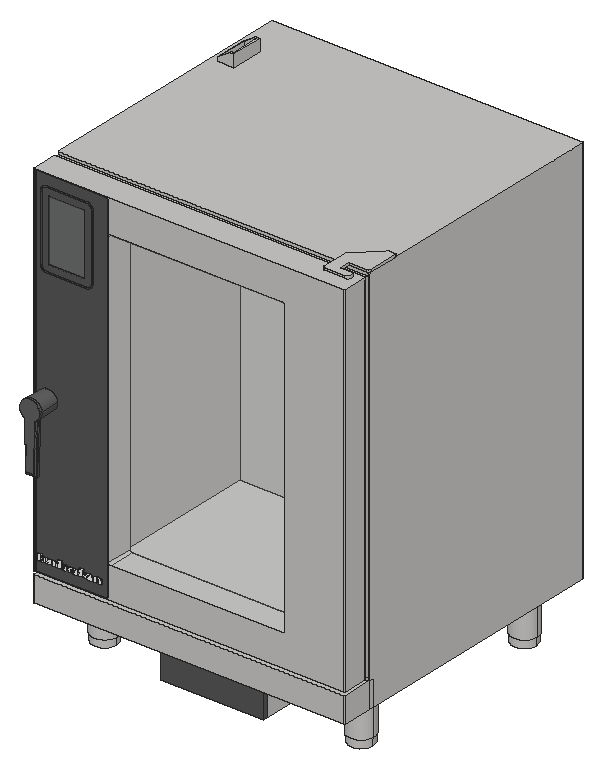
Revit family "QF_MOFFAT_PFEN101--", category Specialty Equipment, Revit 2019
Family settings
  Round Connector Dimension = Use Diameter
  Part Type = Normal
  OmniClass Number = 23.40.40.14
  OmniClass Title = Food Service Equipment
  Work Plane-Based = No
  Always vertical = Yes
  Cut with Voids When Loaded = No
  Shared = No
  Room Calculation Point = No
Parameters (values of type "PFEN101 (480V 3Ph 60Hz) - RH")
  R6 = 6 mm  # constant formula
  Mat_Handle = QF_Plastic-Black-Matte
  Mat_Glass = QF_Glass-Tempered-Clear
  Logo_X = if(Left hinged, 680 mm, 90 mm)  # 90 mm
  Handle_Z = 467 mm  # constant formula
  Filtered Treated Water Supply Size = 20 mm
  Filtered Treated Water Quality = ""
  Filtered Treated Water Flow = 0.0 L/min
  Filtered Treated Water Connection Height = 102 mm
  Exhaust Vent Width = 40 mm
  Exhaust Vent Height = 1097 mm
  Exhaust Vent Depth = 80 mm
  Exhaust Static Press = 0.0 Pa
  Direct Waste Size = 40 mm
  Direct Waste Connection Height = 95 mm
  DX_ = if(Right hinged, 0 mm, 20 mm)  # 0 mm
  Weight = 104.00 kg
  Volts = 480 V
  Volt Free Conn = no
  URL Manufacturer = "https://www.moffat.com"
  URL Cutsheet = "PFEN084_0124_en.pdf"
  URL = ""
  Show Symbol [instance] = yes
  Show Opening [instance] = yes
  Show Logo [instance] = yes
  Show Clearance [instance] = no
  SX_ = if(Left hinged, 0 mm, 20 mm)  # 20 mm
  Right hinged = not(Left hinged)  # yes
  R2 = 2 mm  # constant formula
  Potential Equalisation = no
  Leg_R3 = 40 mm  # constant formula
  Leg_R2 = 32.5 mm  # constant formula
  Leg_R1 = 30 mm  # constant formula
  Phase = 3
  Number of Poles = 3
  Model = "PFEN101"
  Mat_Legs = QF_Stainless-Brushed
  Mat_Clearance = QF_Clearance
  Mat_Case = QF_Stainless-Brushed
  Mat_Plastic-Black = QF_Plastic-Black-Glossy
  Masterspec = ""
  Manufacturer = "MOFFAT"
  Main switch integrated = no
  Length Actual = 777 mm  # constant formula
  Legs Height = 120 mm  # constant formula
  Left hinged = no
  Keynote = "0"
  Item Number = "PFEN101"
  Identify Quantity as Lot = no
  Height Actual = 1097 mm  # constant formula
  Foodservice Equipment Identifier = yes
  FL Amps = 22 A
  Electrical Remarks = "electrical connection with terminal box"
  Electric power = 14500 W
  Elec Connection Height = 102 mm
  Description = "Electric Combi Oven for bakery&pastry, 10 Trays 600x400"
  Description_FR = ""
  Description_ES = ""
  Description_EN = ""
  Description_DE = ""
  Depth Actual = 744 mm  # constant formula
  Cycle = 60 Hz
  Conn Plug = ""
  Cold Water Size = 20 mm
  Cold Water Consumption = ""
  Cold Water Connection Height = 102 mm
  Clearance_Upper = 500 mm  # constant formula
  Clearance_Side_RH = 50 mm  # constant formula
  Clearance_Side_LH = 50 mm  # constant formula
  Clearance_Rear = 500 mm  # constant formula
  Clearance_Front = 715 mm  # constant formula
  Case_Height = Height Actual - Legs Height  # 977 mm
  CE Approved = yes
  Author = ""
  Accessory = no
Types (20, lengths in mm): name | Logo_X | DX_ | Volts | SX_ | Right hinged | Left hinged | Cycle
  PFEN101 (230V 3Ph 50Hz) - LH | 680 | 20 | 230 V | 0 | no | yes | 50 Hz
  PFEN101 (230V 3Ph 50Hz) - RH | 90 | 0 | 230 V | 20 | yes | no | 50 Hz
  PFEN101 (400V 3NPh 50Hz) - LH | 680 | 20 | 400 V | 0 | no | yes | 50 Hz
  PFEN101 (400V 3NPh 50Hz) - RH | 90 | 0 | 400 V | 20 | yes | no | 50 Hz
  PFEN101 (400V 3Ph 50Hz) - LH | 680 | 20 | 400 V | 0 | no | yes | 50 Hz
  PFEN101 (400V 3Ph 50Hz) - RH | 90 | 0 | 400 V | 20 | yes | no | 50 Hz
  PFEN101 (400V 3Ph 60Hz) - LH | 680 | 20 | 400 V | 0 | no | yes | 60 Hz
  PFEN101 (400V 3Ph 60Hz) - RH | 90 | 0 | 400 V | 20 | yes | no | 60 Hz
  PFEN101 (440V 3Ph 50Hz) - LH | 680 | 20 | 440 V | 0 | no | yes | 50 Hz
  PFEN101 (440V 3Ph 50Hz) - RH | 90 | 0 | 440 V | 20 | yes | no | 50 Hz
  PFEN101 (440V 3Ph 60Hz) - LH | 680 | 20 | 440 V | 0 | no | yes | 60 Hz
  PFEN101 (440V 3Ph 60Hz) - RH | 90 | 0 | 440 V | 20 | yes | no | 60 Hz
  PFEN101 (440V 3NPh 50Hz) - LH | 680 | 20 | 440 V | 0 | no | yes | 50 Hz
  PFEN101 (440V 3NPh 50Hz) - RH | 90 | 0 | 440 V | 20 | yes | no | 50 Hz
  PFEN101 (440V 3NPh 60Hz) - LH | 680 | 20 | 440 V | 0 | no | yes | 60 Hz
  PFEN101 (440V 3NPh 60Hz) - RH | 90 | 0 | 440 V | 20 | yes | no | 60 Hz
  PFEN101 (480V 3Ph 50Hz) - LH | 680 | 20 | 480 V | 0 | no | yes | 50 Hz
  PFEN101 (480V 3Ph 50Hz) - RH | 90 | 0 | 480 V | 20 | yes | no | 50 Hz
  PFEN101 (480V 3Ph 60Hz) - LH | 680 | 20 | 480 V | 0 | no | yes | 60 Hz
  PFEN101 (480V 3Ph 60Hz) - RH | 90 | 0 | 480 V | 20 | yes | no | 60 Hz
Reference planes
  plane 1 "Center (Front/Back)": y = 0
  plane 2: z = 0
  plane 3 "Center (Left/Right)": x = 0
  plane 4 "SX": x = -388.5
  plane 5 "DX": x = 388.5
  plane 6 "FRONT": y = -744
  plane 7 "High": z = 1097
  plane 8 "BASE": z = 120
  plane 9: y = -98
  plane 10: y = -608
  plane 11: x = -320.5
  plane 12: x = 320.5
  plane 13: x = -438.5
  plane 14: x = 438.5
  plane 15: y = 500
  plane 16: z = 1597
  plane 17: z = 20
  plane 18: y = -1459
  plane 19: x = -308.5
  plane 20: x = 308.5
  plane 21: y = -200
  plane 22: y = -668
  plane 23: y = -653
  plane 24: z = 184
  plane 25: z = 1032
  plane 26: z = 1092
  plane 27: z = 270
  plane 28: z = 1012
  plane 29: y = 49
  plane 30: z = 1067
  plane 31: y = -114
  plane 32: y = -194
  plane 33: x = -368.5
  plane 34: x = -328.5
  plane 35: x = -128
  plane 36: x = 128
  plane 37: z = 8
Forms (mm)
  Extrusion 1, solid, material "QF_Clearance", visible <- "Show Clearance"
    sketch origin (0, 0, 0) x (1, 0, 0) y (0, 1, 0)
      loop
        line (-438.5, -744) -> (438.5, -744) -> (438.5, 0) -> (-438.5, 0) -> (-438.5, -744)
    from 0 to 1097
  Extrusion 2, solid, material "QF_Clearance", visible <- "Show Clearance"
    sketch origin (0, 0, 0) x (1, 0, 0) y (0, 1, 0)
      loop
        line (-388.5, -1459) -> (388.5, -1459) -> (388.5, 500) -> (-388.5, 500) -> (-388.5, -1459)
    from 0 to 1097
  Extrusion 3, solid, material "QF_Clearance", visible <- "Show Clearance"
    sketch origin (0, 0, 0) x (1, 0, 0) y (0, 1, 0)
      loop
        line (-388.5, -744) -> (388.5, -744) -> (388.5, 0) -> (-388.5, 0) -> (-388.5, -744)
    from 0 to 1597
  Extrusion 4, solid, material "QF_Stainless-Brushed" <- "Mat_Legs", detail levels medium+fine
    sketch origin (-1136.263, -1524, 20) x (-1, 0, 0) y (0, -1, 0)
      loop
        circle (-815.763, -1426) r 32.5
      loop
        circle (-815.763, -916) r 32.5
      loop
        circle (-1456.763, -1426) r 32.5
      loop
        circle (-1456.763, -916) r 32.5
    from 0 to 100
  Extrusion 5, solid, material "QF_Stainless-Brushed" <- "Mat_Legs", detail levels medium+fine
    sketch origin (0, 0, 0) x (1, 0, 0) y (0, 1, 0)
      loop
        circle (-320.5, -98) r 30
      loop
        circle (320.5, -98) r 30
      loop
        circle (-320.5, -608) r 30
      loop
        circle (320.5, -608) r 30
    from 0 to 20
  Extrusion 6, solid, material "QF_Stainless-Brushed" <- "Mat_Case", detail levels medium+fine
    sketch origin (-1043.679, -1524, 184) x (-1, 0, 0) y (0, -1, 0)
      loop
        arc (-657.179, -1524) -> (-655.765, -1523.414) -> (-655.179, -1522) r 2
        line (-655.179, -1522) -> (-655.179, -873) -> (-660.179, -873) -> (-660.179, -871) -> (-655.179, -871) -> (-655.179, -858)
        arc (-655.179, -858) -> (-655.765, -856.586) -> (-657.179, -856) r 2
        line (-657.179, -856) -> (-735.179, -856) -> (-735.179, -1324) -> (-1352.179, -1324) -> (-1352.179, -856) -> (-1430.179, -856)
        arc (-1430.179, -856) -> (-1431.594, -856.586) -> (-1432.179, -858) r 2
        line (-1432.179, -858) -> (-1432.179, -871) -> (-1427.179, -871) -> (-1427.179, -873) -> (-1432.179, -873) -> (-1432.179, -1522)
        arc (-1432.179, -1522) -> (-1431.594, -1523.414) -> (-1430.179, -1524) r 2
        line (-1430.179, -1524) -> (-657.179, -1524)
    from 0 to 848
  Extrusion 7, solid, material "QF_Stainless-Brushed" <- "Mat_Case", detail levels medium+fine
    sketch origin (0, 0, 120) x (-1, 0, 0) y (0, -1, 0)
      loop
        arc (386.5, 0) -> (387.914, 0.586) -> (388.5, 2) r 2
        line (388.5, 2) -> (388.5, 653) -> (386.5, 653) -> (386.5, 668) -> (388.5, 668) -> (388.5, 742)
        arc (388.5, 742) -> (387.914, 743.414) -> (386.5, 744) r 2
        line (386.5, 744) -> (-386.5, 744)
        arc (-386.5, 744) -> (-387.914, 743.414) -> (-388.5, 742) r 2
        line (-388.5, 742) -> (-388.5, 668) -> (-386.5, 668) -> (-386.5, 653) -> (-388.5, 653) -> (-388.5, 2)
        arc (-388.5, 2) -> (-387.914, 0.586) -> (-386.5, 0) r 2
        line (-386.5, 0) -> (386.5, 0)
    from 0 to 64
  Extrusion 8, solid, material "QF_Stainless-Brushed" <- "Mat_Case", detail levels medium+fine
    sketch origin (-1043.679, -1524, 1032) x (-1, 0, 0) y (0, -1, 0)
      loop
        arc (-657.179, -1524) -> (-655.765, -1523.414) -> (-655.179, -1522) r 2
        line (-655.179, -1522) -> (-655.179, -858)
        arc (-655.179, -858) -> (-655.765, -856.586) -> (-657.179, -856) r 2
        line (-657.179, -856) -> (-1430.179, -856)
        arc (-1430.179, -856) -> (-1431.594, -856.586) -> (-1432.179, -858) r 2
        line (-1432.179, -858) -> (-1432.179, -1522)
        arc (-1432.179, -1522) -> (-1431.594, -1523.414) -> (-1430.179, -1524) r 2
        line (-1430.179, -1524) -> (-657.179, -1524)
    from 0 to 65
  Extrusion 9, solid, material "QF_Stainless-Brushed" <- "Mat_Case", detail levels medium+fine
    sketch origin (-388.5, 180.447, 4000) x (0, 1, 0) y (0, 0, 1)
      loop
        line (-131.447, -3278) -> (-131.447, -2982) -> (-180.447, -2933) -> (-180.447, -3278) -> (-131.447, -3278)
    from 70 to 220
  Extrusion 10, solid, material "QF_Stainless-Brushed" <- "Mat_Case", detail levels medium+fine
    sketch origin (0, 0, 1097) x (-1, 0, 0) y (0, -1, 0)
      loop
        line (368.5, 114) -> (368.5, 194) -> (328.5, 194) -> (328.5, 114) -> (368.5, 114)
      loop
        line (363.5, 119) -> (363.5, 189) -> (333.5, 189) -> (333.5, 119) -> (363.5, 119)
    from 0 to 30
  Extrusion 11, void
    sketch origin (-528.5, -114, 7500) x (1, 0, 0) y (0, 0, 1)
      loop
        line (160, -6373) -> (160, -6393) -> (190, -6373) -> (160, -6373)
    from 0 to 80
  Extrusion 12, solid, material "QF_Plastic-Black-Glossy" <- "Mat_Plastic-Black", detail levels medium+fine
    sketch origin (-619.833, -668, 7500) x (-1, 0, 0) y (0, 0, 1)
      loop
        line (-491.833, -7492) -> (-491.833, -7411)
        arc (-491.833, -7411) -> (-480.833, -7400) -> (-491.833, -7389) r 11
        line (-491.833, -7389) -> (-747.833, -7389)
        arc (-747.833, -7389) -> (-758.833, -7400) -> (-747.833, -7411) r 11
        line (-747.833, -7411) -> (-747.833, -7492) -> (-491.833, -7492)
    from -5 to 5
  Extrusion 13, solid, material "QF_Stainless-Brushed" <- "Mat_Case", detail levels medium+fine
    sketch origin (-619.833, -668, 7500) x (-1, 0, 0) y (0, 0, 1)
      loop
        line (-491.833, -7492) -> (-491.833, -7380) -> (-747.833, -7380) -> (-747.833, -7492) -> (-491.833, -7492)
    from 5 to 468
  Extrusion 14, solid, material "QF_Stainless-Brushed" <- "Mat_Case", detail levels medium+fine
    sketch origin (-619.833, -200, 7500) x (-1, 0, 0) y (0, 0, 1)
      loop
        circle (-619.833, -7405) r 20
    from 0 to 200
Cuts and joins
  joined: Extrusion 1, Extrusion 2, Extrusion 3
  joined: Extrusion 4, Extrusion 5
  joined: Extrusion 6, Extrusion 7, Extrusion 8
  Extrusion 11 cuts Extrusion 10
Lines and regions (mm)
  model lines, style "InvisibleLines"
    curve 1: line (-50, 0, 0) -> (50, 0, 0)
    curve 2: line (0, 50, 0) -> (0, -50, 0)
  model lines, style "QF_Detail Level Coarse", detail levels coarse
    curve 3: line (-388.5, 0, 0) -> (388.5, 0, 0)
    curve 4: line (-388.5, -744, 0) -> (-388.5, 0, 0)
    curve 5: line (388.5, -744, 0) -> (-388.5, -744, 0)
    curve 6: line (388.5, 0, 0) -> (388.5, -744, 0)
    curve 7: line (388.5, -744, 1097) -> (388.5, -744, 0)
    curve 8: line (388.5, 0, 1097) -> (388.5, 0, 0)
    curve 9: line (-388.5, 0, 1097) -> (-388.5, 0, 0)
    curve 10: line (-388.5, 0, 1097) -> (388.5, 0, 1097)
    curve 11: line (388.5, 0, 1097) -> (388.5, -744, 1097)
    curve 12: line (-388.5, 0, 1097) -> (-388.5, -744, 1097)
    curve 13: line (-388.5, -744, 1097) -> (388.5, -744, 1097)
    curve 14: line (-388.5, -744, 1097) -> (-388.5, -744, 0)
Dimensions and locks
  curve 1 to plane 3 "Center (Left/Right)" to curve 1 = 50 mm locked, 50 mm locked
  curve 2 to plane 1 "Center (Front/Back)" to curve 2 = 50 mm locked, 50 mm locked
  locked: plane 6 "FRONT" to plane 1 "Center (Front/Back)" at 744
  equal spacing: plane 4 "SX", plane 3 "Center (Left/Right)", plane 5 "DX"
  locked: plane 4 "SX" to plane 5 "DX" at 777
  "Legs Height": plane 8 "BASE" to plane 2
  "Clearance_Side_RH": plane 5 "DX" to plane 14
  "Clearance_Side_LH": plane 13 to plane 4 "SX"
  "Clearance_Rear": plane 1 "Center (Front/Back)" to plane 15
  "Clearance_Upper": plane 16 to plane 7 "High"
  locked: plane 9 to plane 1 "Center (Front/Back)" at 98
  locked: plane 4 "SX" to plane 11 at 68
  locked: plane 12 to plane 5 "DX" at 68
  "Clearance_Front": plane 6 "FRONT" to plane 18
  plane 17 to plane 2 = 20 mm
  "Case_Height": plane 7 "High" to plane 8 "BASE"
  locked: plane 10 to plane 6 "FRONT" at 136
  locked: plane 4 "SX" to plane 19 at 80
  locked: plane 20 to plane 5 "DX" at 80
  locked: plane 21 to plane 1 "Center (Front/Back)" at 200
  locked: plane 22 to plane 6 "FRONT" at 76
  locked: plane 23 to plane 22 at 15
  locked: Extrusion 6 sketch curve to plane 23 at 2  (x2)
  locked: Extrusion 6 sketch curve to plane 5 "DX" at 5
  locked: plane 4 "SX" to Extrusion 6 sketch curve at 5
  locked: plane 24 to plane 8 "BASE" at 64
  locked: plane 7 "High" to plane 25 at 65
  locked: plane 4 "SX" to Extrusion 7 sketch curve at 2
  locked: Extrusion 7 sketch curve to plane 5 "DX" at 2
  locked: plane 7 "High" to plane 26 at 5
  locked: plane 27 to plane 8 "BASE" at 150
  locked: plane 7 "High" to plane 28 at 85
  "Logo_X": nested 3 to plane 4 "SX"
  locked: plane 1 "Center (Front/Back)" to plane 29 at 49
  locked: plane 7 "High" to Extrusion 9 sketch curve at 375
  locked: plane 7 "High" to plane 30 at 30
  plane 32 to plane 31 to plane 1 "Center (Front/Back)" = 80 mm locked, 114 mm locked
  plane 4 "SX" to plane 33 to plane 34 = 20 mm locked, 40 mm locked
  locked: plane 34 to Extrusion 11 sketch curve at 10
  Extrusion 11 sketch curve to Extrusion 11 sketch curve to plane 7 "High" = 20 mm locked, 10 mm locked
  plane 35 to plane 3 "Center (Left/Right)" to plane 36 = 128 mm locked, 128 mm locked
  locked: plane 8 "BASE" to plane 37 at 112
  locked: plane 8 "BASE" to Extrusion 12 sketch curve at 9
  "Direct Waste Connection Height": Extrusion 14 sketch curve to plane 2
  equal spacing: plane 27, nested 3, plane 24
  "Leg_R2": radius of Extrusion 4 sketch curve  (x4)
  "Leg_R1": radius of Extrusion 5 sketch curve  (x4)
  "R2": radius of Extrusion 6 sketch curve  (x4)
  "R2": radius of Extrusion 7 sketch curve  (x4)
  "R2": radius of Extrusion 8 sketch curve  (x4)
  aligned and locked: level to plane 2
  aligned and locked: plane 1 "Center (Front/Back)" to curve 3
  aligned and locked: plane 4 "SX" to curve 4
  aligned and locked: level to curve 8
  aligned and locked: level to curve 7
  aligned and locked: level to curve 9
  aligned and locked: curve 8 to plane 1 "Center (Front/Back)"
  aligned and locked: curve 9 to plane 1 "Center (Front/Back)"
  aligned and locked: curve 13 to plane 6 "FRONT"
  aligned and locked: curve 10 to plane 7 "High"
  aligned and locked: curve 12 to plane 7 "High"
  aligned and locked: curve 11 to plane 7 "High"
  aligned and locked: curve 9 to curve 11
  aligned and locked: curve 14 to curve 9
  aligned and locked: curve 7 to curve 14
  aligned and locked: Extrusion 1 sketch curve to plane 13
  aligned and locked: Extrusion 1 sketch curve to plane 14
  aligned and locked: Extrusion 1 sketch curve to plane 6 "FRONT"
  aligned and locked: Extrusion 1 sketch curve to plane 1 "Center (Front/Back)"
  aligned and locked: plane 7 "High" to Extrusion 1
  aligned and locked: Extrusion 1 to plane 2
  aligned and locked: Extrusion 2 sketch curve to plane 4 "SX"
  aligned and locked: plane 5 "DX" to Extrusion 2 sketch curve
  aligned and locked: plane 15 to Extrusion 2 sketch curve
  aligned and locked: plane 7 "High" to Extrusion 2
  aligned and locked: Extrusion 2 to plane 2
  aligned and locked: Extrusion 3 sketch curve to plane 4 "SX"
  aligned and locked: plane 5 "DX" to Extrusion 3 sketch curve
  aligned and locked: Extrusion 3 sketch curve to plane 6 "FRONT"
  aligned and locked: Extrusion 3 sketch curve to plane 1 "Center (Front/Back)"
  aligned and locked: Extrusion 3 to plane 2
  aligned and locked: plane 16 to Extrusion 3
  aligned and locked: plane 11 to Extrusion 4 sketch curve  (x2)
  aligned and locked: plane 12 to Extrusion 4 sketch curve  (x2)
  aligned and locked: plane 9 to Extrusion 4 sketch curve  (x2)
  aligned and locked: plane 10 to Extrusion 4 sketch curve  (x2)
  aligned and locked: Extrusion 4 to plane 17
  aligned and locked: plane 11 to Extrusion 5 sketch curve  (x2)
  aligned and locked: plane 12 to Extrusion 5 sketch curve  (x2)
  aligned and locked: plane 9 to Extrusion 5 sketch curve  (x2)
  aligned and locked: plane 10 to Extrusion 5 sketch curve  (x2)
  aligned and locked: Extrusion 5 to plane 2
  aligned and locked: plane 17 to Extrusion 5
  aligned and locked: Extrusion 2 sketch curve to plane 18
  aligned and locked: plane 8 "BASE" to Extrusion 4
  aligned and locked: Extrusion 6 sketch curve to plane 5 "DX"  (x2)
  aligned and locked: plane 1 "Center (Front/Back)" to Extrusion 6 sketch curve
  aligned and locked: plane 4 "SX" to Extrusion 6 sketch curve  (x2)
  aligned and locked: plane 22 to Extrusion 6 sketch curve  (x2)
  aligned and locked: plane 23 to Extrusion 6 sketch curve
  aligned and locked: Extrusion 6 sketch curve to plane 23
  aligned and locked: plane 25 to Extrusion 6
  aligned and locked: Extrusion 6 sketch curve to plane 21
  aligned and locked: plane 19 to Extrusion 6 sketch curve
  aligned and locked: Extrusion 6 sketch curve to plane 20
  aligned and locked: plane 1 "Center (Front/Back)" to Extrusion 7 sketch curve
  aligned and locked: Extrusion 7 sketch curve to plane 5 "DX"  (x2)
  aligned and locked: plane 4 "SX" to Extrusion 7 sketch curve  (x2)
  aligned and locked: plane 6 "FRONT" to Extrusion 7 sketch curve
  aligned and locked: plane 23 to Extrusion 7 sketch curve
  aligned and locked: plane 22 to Extrusion 7 sketch curve  (x2)
  aligned and locked: Extrusion 7 sketch curve to plane 23
  aligned and locked: plane 24 to Extrusion 7
  aligned and locked: plane 1 "Center (Front/Back)" to Extrusion 8 sketch curve
  aligned and locked: plane 22 to Extrusion 8 sketch curve
  aligned and locked: Extrusion 8 sketch curve to plane 5 "DX"
  aligned and locked: plane 4 "SX" to Extrusion 8 sketch curve
  aligned and locked: plane 7 "High" to Extrusion 8
  aligned and locked: Extrusion 9 sketch curve to plane 1 "Center (Front/Back)"
  aligned and locked: plane 30 to Extrusion 9 sketch curve
  aligned and locked: Extrusion 9 sketch curve to plane 29
  aligned and locked: Extrusion 10 sketch curve to plane 31
  aligned and locked: plane 33 to Extrusion 10 sketch curve
  aligned and locked: plane 32 to Extrusion 10 sketch curve
  aligned and locked: Extrusion 10 sketch curve to plane 34
  aligned and locked: plane 33 to Extrusion 11 sketch curve
  aligned and locked: Extrusion 11 to plane 32
  aligned and locked: plane 37 to Extrusion 12 sketch curve
  aligned and locked: Extrusion 12 sketch curve to plane 36
  aligned and locked: Extrusion 12 sketch curve to plane 35
  aligned and locked: plane 35 to Extrusion 13 sketch curve
  aligned and locked: Extrusion 13 sketch curve to plane 36
  aligned and locked: plane 8 "BASE" to Extrusion 13 sketch curve
  aligned and locked: Extrusion 13 sketch curve to plane 37
  aligned and locked: plane 21 to Extrusion 13
  aligned and locked: plane 1 "Center (Front/Back)" to nested 1  (x2)
  aligned and locked: plane 3 "Center (Left/Right)" to nested 1
  aligned and locked: plane 1 "Center (Front/Back)" to nested 4
  aligned and locked: plane 1 "Center (Front/Back)" to nested 5
  aligned and locked: plane 5 "DX" to nested 4
  aligned and locked: plane 5 "DX" to nested 5
  aligned and locked: nested 5 to plane 5 "DX"
  aligned and locked: plane 1 "Center (Front/Back)" to nested 2
  aligned and locked: plane 3 "Center (Left/Right)" to nested 2
  aligned and locked: Extrusion 14 to plane 1 "Center (Front/Back)"
  aligned and locked: nested 6 to plane 6 "FRONT"
  aligned and locked: plane 3 "Center (Left/Right)" to nested 6
  aligned and locked: plane 6 "FRONT" to nested 7
  aligned and locked: plane 3 "Center (Left/Right)" to nested 7
Automatic sketch dimensions
  curve 10 to plane 4 "SX" = 0 mm
  curve 10 to plane 5 "DX" = 0 mm
  curve 2 to plane 3 "Center (Left/Right)" = 0 mm
  curve 5 to plane 5 "DX" = 0 mm
  curve 4 to plane 6 "FRONT" = 0 mm
  plane 1 "Center (Front/Back)" to curve 1 = 0 mm
  curve 8 to plane 7 "High" = 0 mm
  curve 7 to plane 7 "High" = 0 mm
  curve 11 to plane 6 "FRONT" = 0 mm
  curve 11 to plane 1 "Center (Front/Back)" = 0 mm
  curve 12 to plane 6 "FRONT" = 0 mm
  curve 12 to plane 1 "Center (Front/Back)" = 0 mm
  curve 14 to level = 0 mm
  curve 14 to plane 7 "High" = 0 mm
  curve 13 to plane 5 "DX" = 0 mm
  curve 13 to plane 4 "SX" = 0 mm
  plane 28 to Extrusion 9 sketch curve = 6 mm
  Extrusion 10 sketch curve to plane 34 = 5 mm
  plane 33 to Extrusion 10 sketch curve = 5 mm
  Extrusion 10 sketch curve to plane 31 = 5 mm
  plane 32 to Extrusion 10 sketch curve = 5 mm
  Extrusion 12 sketch curve to Extrusion 12 sketch curve = 11 mm  (x2)
  Extrusion 14 sketch curve to plane 3 "Center (Left/Right)" = 0 mm
  radius of Extrusion 14 sketch curve = 20 mm
Nested families
  nested 1: "QF_Connection_SE" at (0, 0, 102), Symbol_Visible <- "Show Symbol", built-in parameter 1001364 <- "Elec Connection Height", type "KTM"
    with Symbol_Width_DX 0 mm, Symbol_Width Offset 0 mm, Symbol_Width DX-SX yes, Symbol_Visible yes, Symbol_Depth_Up-Dn yes, Symbol_Depth_Up 200 mm, Symbol_Depth Offset 100 mm, Symbol Graphic none, Connector_Width_DX 70 mm, Connector Holder_Width Offset 35 mm, Connector Holder_Width DX-SX yes, Connector Holder_Visible no, Connector Holder_Depth Offset 42 mm
  nested 2: "QF_Connection_SE" at (0, 0, 95), Symbol_Visible <- "Show Symbol", built-in parameter 1001364 <- "Direct Waste Connection Height", type "KTM"
    with Symbol_Width_DX 0 mm, Symbol_Width Offset 200 mm, Symbol_Width DX-SX no, Symbol_Visible yes, Symbol_Depth_Up-Dn yes, Symbol_Depth_Up 200 mm, Symbol_Depth Offset 100 mm, Symbol Graphic none, Connector_Width_DX 0 mm, Connector Holder_Width Offset 0 mm, Connector Holder_Width DX-SX yes, Connector Holder_Visible no, Connector Holder_Depth Offset 0 mm
  nested 3: "Combi_Logo_Turbofan160" at (-298.5, -744, 227) x (1, 0, 0) z (0, -1, 0), visible <- "Show Logo", type "KTM", detail levels medium+fine
    with MAT_Handle QF_Plastic-White-Glossy
  nested 4: "QF_Connection_SE" at (388.5, 0, 102), Symbol_Visible <- "Show Symbol", built-in parameter 1001364 <- "Filtered Treated Water Connection Height", type "KTM"
    with Symbol_Width_DX 400 mm, Symbol_Width Offset 200 mm, Symbol_Width DX-SX yes, Symbol_Visible yes, Symbol_Depth_Up-Dn yes, Symbol_Depth_Up 200 mm, Symbol_Depth Offset 100 mm, Symbol Graphic none, Connector_Width_DX 0 mm, Connector Holder_Width Offset 103 mm, Connector Holder_Width DX-SX no, Connector Holder_Visible no, Connector Holder_Depth Offset 42 mm
  nested 5: "QF_Connection_SE" at (388.5, 0, 102), Symbol_Visible <- "Show Symbol", built-in parameter 1001364 <- "Cold Water Connection Height", type "KTM"
    with Symbol_Width_DX 100 mm, Symbol_Width Offset 50 mm, Symbol_Width DX-SX yes, Symbol_Visible yes, Symbol_Depth_Up-Dn yes, Symbol_Depth_Up 200 mm, Symbol_Depth Offset 100 mm, Symbol Graphic none, Connector_Width_DX 0 mm, Connector Holder_Width Offset 178 mm, Connector Holder_Width DX-SX no, Connector Holder_Visible no, Connector Holder_Depth Offset 42 mm
  nested 6: "Puff_Door_B" at (0, -744, 0), visible <- "Left hinged", Case_Height <- "Case_Height", Legs Height <- "Legs Height", Handle_Z <- "Handle_Z", Show Opening <- "Show Opening", Mat_Case <- "Mat_Case", Mat_Glass <- "Mat_Glass", Mat_Handle <- "Mat_Handle", Mat_Plastic-Black <- "Mat_Plastic-Black", type "ktm"
    with Show Opening yes, Mat_Plastic-Black QF_Plastic-Black-Glossy, Mat_Handle QF_Plastic-Black-Matte, Mat_Glass QF_Glass-Tempered-Clear, Mat_Case QF_Stainless-Brushed, Legs Height 120 mm, Handle_Z 467 mm, Case_Height 977 mm
  nested 7: "Puff_Door_B" at (0, -744, 0) x (-1, 0, 0) z (0, 0, 1), visible <- "Right hinged", Show Opening <- "Show Opening", Handle_Z <- "Handle_Z", Case_Height <- "Case_Height", Mat_Case <- "Mat_Case", Mat_Glass <- "Mat_Glass", Mat_Handle <- "Mat_Handle", Mat_Plastic-Black <- "Mat_Plastic-Black", type "ktm"
    with Show Opening yes, Mat_Plastic-Black QF_Plastic-Black-Glossy, Mat_Handle QF_Plastic-Black-Matte, Mat_Glass QF_Glass-Tempered-Clear, Mat_Case QF_Stainless-Brushed, Legs Height 120 mm, Handle_Z 467 mm, Case_Height 977 mm
Connectors
  electrical at (35, -41.5, 102), driven by "Volts", driven by "Electric power", driven by "Electrical Remarks", driven by "Number of Poles"
    settings: on nested 1, index 23, voltage 480 V, apparent load 14500 VA, apparent load phase1 0 VA, apparent load phase2 0 VA, apparent load phase3 0 VA, power factor 1, load classification "Power", number of poles 3, system type 30, power factor state 1, is connector primary yes, connector utility no, sub classification motor no, connector description "electrical connection with terminal box"
  piping at (285.5, -42, 101.5), diameter 20, driven by "Filtered Treated Water Supply Size", driven by "Filtered Treated Water Flow"
    settings: on nested 4, index 25, connector inside diameter 609.6 mm, connector length 0 mm, flow factor 0, pipe flow 0.0 L/min, pressure drop 0.0 Pa, fitting loss kfactor 0, connector angle 0.00°, fixture units 0, engagement length 0 mm, angle of deflection 0.00°, flow configuration 0, flow direction 1, fitting loss method 0, system type 20, joint type 0, gender type 0, connector reference index -1, connector utility 0, adjustable connector no, is connector primary yes, connector description "W2 Softened water inlet"
  piping at (210.5, -42, 101.5), diameter 20, driven by "Cold Water Size"
    settings: on nested 5, index 26, connector inside diameter 609.6 mm, connector length 0 mm, flow factor 0, pipe flow 0.0 L/min, pressure drop 0.0 Pa, fitting loss kfactor 0, connector angle 0.00°, fixture units 0, engagement length 0 mm, angle of deflection 0.00°, flow configuration 0, flow direction 1, fitting loss method 0, system type 20, joint type 0, gender type 0, connector reference index -1, connector utility 0, adjustable connector no, is connector primary no, connector description "W1 Water inlet"
  piping at (0, 0.5, 95), diameter 40, driven by "Direct Waste Size"
    settings: on nested 2, index 27, connector inside diameter 609.6 mm, connector length 0 mm, flow factor 0, pipe flow 0.0 L/min, pressure drop 0.0 Pa, fitting loss kfactor 0, connector angle 0.00°, fixture units 0, engagement length 0 mm, angle of deflection 0.00°, flow configuration 0, flow direction 2, fitting loss method 0, system type 16, joint type 0, gender type 0, connector reference index -1, connector utility 0, adjustable connector no, is connector primary no, connector description "Direct Waste"
  hvac at (-348.5, -154, 1097), driven by "Exhaust Vent Width", driven by "Exhaust Vent Depth", driven by "Exhaust Static Press"
    settings: on cut or joined group of Extrusion 10, Extrusion 11, index 28, duct flow 0.0 L/s, flow factor 0, pres drop 0.0 Pa, loss coef 0, conn angle 0.00°, conn width 40 mm, conn height 80 mm, conn diameter 609.6 mm, duct sys type 3, conn prof type 1, flow config 0, flow direction 2, loss method 4, conn ref index -1, conn util no, is conn primary yes, conn desc "Exhaust vent"
Definition of nested family "Combi_Logo_Turbofan160"
  Parameters (values of type "KTM")
    MAT_Handle [instance] = none
    Default Elevation = 0 mm
  Reference planes
    plane 1 "Center (Front/Back)": y = 0
    plane 2: z = 0
    plane 3 "Center (Left/Right)": x = 0
  Forms (mm)
    Extrusion 1, solid, material <- "MAT_Handle"
      sketch origin (0, 0, 0) x (1, 0, 0) y (0, 1, 0)
        loop
          line (-58.759, -2.32) -> (-58.759, 5.275) -> (-65.172, 5.275) -> (-65.172, -3.582)
          arc (-65.172, -3.582) -> (-64.651, -5.213) -> (-63.28, -6.24) r 2.814
          arc (-63.28, -6.24) -> (-57.335, -7.492) -> (-51.267, -7.22) r 24.135
          line (-51.267, -7.22) -> (-44.931, -6.126) -> (-44.931, 5.275) -> (-53.235, 5.275) -> (-53.235, -3.902) -> (-56.309, -4.403)
          arc (-56.309, -4.403) -> (-58.016, -3.927) -> (-58.759, -2.32) r 2.11
        loop
          line (-31.587, 2.611) -> (-29.844, 2.471) -> (-29.844, 5.843)
          arc (-29.844, 5.843) -> (-35.742, 5.764) -> (-41.521, 4.583) r 31.377
          line (-41.521, 4.583) -> (-41.521, -6.957) -> (-33.106, -6.957) -> (-33.106, 1.208)
          arc (-33.106, 1.208) -> (-32.653, 2.242) -> (-31.587, 2.611) r 1.407
        loop
          arc (-78.015, -6.494) -> (-73.384, -7.447) -> (-68.656, -7.497) r 24.624
          line (-68.656, -7.497) -> (-68.656, -4.421) -> (-69.794, -4.25)
          arc (-69.794, -4.25) -> (-70.651, -3.777) -> (-70.992, -2.859) r 1.407
          line (-70.992, -2.859) -> (-70.992, 2.471) -> (-67.025, 2.471) -> (-67.025, 5.843) -> (-70.992, 5.843) -> (-70.992, 8.251) -> (-80, 8.251) -> (-80, -3.805)
          arc (-80, -3.805) -> (-79.45, -5.477) -> (-78.015, -6.494) r 2.814
        loop
          line (33.607, 8.503) -> (35.284, 8.503) -> (35.284, 11.348)
          arc (35.284, 11.348) -> (30.483, 11.528) -> (25.758, 10.663) r 22.037
          arc (25.758, 10.663) -> (24.306, 9.648) -> (23.749, 7.967) r 2.814
          line (23.749, 7.967) -> (23.749, -6.957) -> (32.2, -6.957) -> (32.2, 2.106) -> (37.139, 2.106) -> (37.139, 5.275) -> (32.2, 5.275) -> (32.2, 7.097)
          arc (32.2, 7.097) -> (32.612, 8.091) -> (33.607, 8.503) r 1.407
        loop
          arc (-28.299, -6.629) -> (-19.588, -7.685) -> (-10.878, -6.629) r 36.436
          arc (-10.878, -6.629) -> (-8.253, -5.406) -> (-6.288, -3.277) r 7.487
          arc (-6.288, -3.277) -> (-6.165, 2.771) -> (-11.383, 5.831) r 5.979
          line (-11.383, 5.831) -> (-17.924, 5.831) -> (-17.924, 2.632) -> (-15.581, 2.632)
          arc (-15.581, 2.632) -> (-12.929, 1.415) -> (-12.121, -1.389) r 3.499
          arc (-12.121, -1.389) -> (-12.928, -3.081) -> (-14.54, -4.036) r 3.22
          arc (-14.54, -4.036) -> (-17.196, -4.25) -> (-19.785, -3.621) r 8.391
          line (-19.785, -3.621) -> (-19.785, 11.804) -> (-28.299, 11.804) -> (-28.299, -6.629)
        loop
          arc (0.442, -6.088) -> (8.875, -7.464) -> (17.308, -6.088) r 26.526
          arc (17.308, -6.088) -> (19.754, -4.812) -> (21.683, -2.84) r 8.794
          arc (21.683, -2.84) -> (22.332, -0.805) -> (21.683, 1.231) r 3.517
          arc (21.683, 1.231) -> (19.754, 3.202) -> (17.308, 4.479) r 8.794
          arc (17.308, 4.479) -> (8.875, 5.855) -> (0.442, 4.479) r 26.526
          arc (0.442, 4.479) -> (-2.004, 3.202) -> (-3.934, 1.231) r 8.794
          arc (-3.934, 1.231) -> (-4.583, -0.805) -> (-3.934, -2.84) r 3.517
          arc (-3.934, -2.84) -> (-2.004, -4.812) -> (0.442, -6.088) r 8.794
        loop
          arc (4.961, -3.445) -> (8.875, -4.755) -> (12.789, -3.445) r 6.503
          arc (12.789, -3.445) -> (14.105, -0.805) -> (12.789, 1.836) r 3.306
          arc (12.789, 1.836) -> (8.875, 3.145) -> (4.961, 1.836) r 6.503
          arc (4.961, 1.836) -> (3.645, -0.805) -> (4.961, -3.445) r 3.306
        loop
          line (73.587, 0.638) -> (73.587, -6.957) -> (80, -6.957) -> (80, 1.9)
          arc (80, 1.9) -> (79.479, 3.532) -> (78.108, 4.559) r 2.814
          arc (78.108, 4.559) -> (72.163, 5.81) -> (66.095, 5.538) r 24.135
          line (66.095, 5.538) -> (59.76, 4.444) -> (59.76, -6.957) -> (68.063, -6.957) -> (68.063, 2.221) -> (71.138, 2.721)
          arc (71.138, 2.721) -> (72.844, 2.246) -> (73.587, 0.638) r 2.11
        loop
          line (48.284, 0.788) -> (48.284, -3.972)
          arc (48.284, -3.972) -> (45.544, -4.369) -> (42.824, -3.855) r 8.411
          arc (42.824, -3.855) -> (42.057, -2.791) -> (42.759, -1.682) r 1.171
          arc (42.759, -1.682) -> (44.595, -1.188) -> (46.495, -1.251) r 6.435
          line (46.495, -1.251) -> (46.495, 1.479)
          arc (46.495, 1.479) -> (42.786, 1.923) -> (39.074, 1.509) r 16.27
          arc (39.074, 1.509) -> (37.375, 0.978) -> (35.777, 0.195) r 11.655
          arc (35.777, 0.195) -> (34.37, -1.862) -> (35.055, -4.259) r 2.931
          arc (35.055, -4.259) -> (36.966, -5.84) -> (39.28, -6.731) r 7.698
          arc (39.28, -6.731) -> (48.191, -7.569) -> (57.066, -6.407) r 40.026
          line (57.066, -6.407) -> (57.066, 1.658)
          arc (57.066, 1.658) -> (56.422, 3.466) -> (54.92, 4.659) r 3.489
          arc (54.92, 4.659) -> (51.793, 5.577) -> (48.543, 5.805) r 15.165
          line (48.543, 5.805) -> (41.413, 5.537) -> (41.413, 2.679) -> (46.075, 2.896)
          arc (46.075, 2.896) -> (47.63, 2.315) -> (48.284, 0.788) r 2.11
      from 0 to 1
  Dimensions and locks
    aligned and locked: level to plane 2
Definition of nested family "Puff_Door_B"
  Parameters (values of type "ktm")
    Show Opening [instance] = yes
    R6 = 6 mm  # constant formula
    Mat_Handle [instance] = none
    Mat_Glass [instance] = none
    Handle_Z [instance] = 415 mm
    URL = ""
    R2 = 2 mm  # constant formula
    Model = ""
    Mat_Case [instance] = none
    Mat_Plastic-Black [instance] = none
    Manufacturer = ""
    Legs Height [instance] = 120 mm
    Keynote = "0"
    Description = ""
    Case_Height [instance] = 767 mm
  Reference planes
    plane 1 "Center (Front/Back)": y = 0
    plane 2: z = 0
    plane 3 "Center (Left/Right)": x = 0
    plane 4 "SX": x = -388.5
    plane 5 "DX": x = 388.5
    plane 6 "High": z = 887
    plane 7 "BASE": z = 120
    plane 8: x = -308.5
    plane 9: x = 308.5
    plane 10: y = 76
    plane 11: y = 91
    plane 12: z = 184
    plane 13: z = 822
    plane 14: x = -238.5
    plane 15: x = 201.5
    plane 16: x = 204.5
    plane 17: x = 384.5
    plane 18: y = 65
    plane 19: z = 882
    plane 20: z = 270
    plane 21: z = 802
  Forms (mm)
    Extrusion 1, solid, material <- "Mat_Case", detail levels medium+fine
      sketch origin (-1043.679, -1524, 184) x (-1, 0, 0) y (0, -1, 0)
        loop
          arc (-657.179, -1589) -> (-655.765, -1588.414) -> (-655.179, -1587) r 2
          line (-655.179, -1587) -> (-655.179, -1526)
          arc (-655.179, -1526) -> (-655.765, -1524.586) -> (-657.179, -1524) r 2
          line (-657.179, -1524) -> (-1430.179, -1524)
          arc (-1430.179, -1524) -> (-1431.594, -1524.586) -> (-1432.179, -1526) r 2
          line (-1432.179, -1526) -> (-1432.179, -1587)
          arc (-1432.179, -1587) -> (-1431.594, -1588.414) -> (-1430.179, -1589) r 2
          line (-1430.179, -1589) -> (-657.179, -1589)
      from 8 to 698
    Extrusion 2, void
      sketch origin (-909.885, 0, 4000) x (-1, 0, 0) y (0, 0, 1)
        loop
          line (-677.385, -3198) -> (-1105.385, -3198)
          arc (-1105.385, -3198) -> (-1109.628, -3199.757) -> (-1111.385, -3204) r 6
          line (-1111.385, -3204) -> (-1111.385, -3724)
          arc (-1111.385, -3724) -> (-1109.628, -3728.243) -> (-1105.385, -3730) r 6
          line (-1105.385, -3730) -> (-677.385, -3730)
          arc (-677.385, -3730) -> (-673.143, -3728.243) -> (-671.385, -3724) r 6
          line (-671.385, -3724) -> (-671.385, -3204)
          arc (-671.385, -3204) -> (-673.143, -3199.757) -> (-677.385, -3198) r 6
      from -10 to 91
    Extrusion 3, solid, material <- "Mat_Glass", detail levels medium+fine
      sketch origin (-909.885, 0, 4000) x (-1, 0, 0) y (0, 0, 1)
        loop
          line (-677.385, -3198) -> (-1105.385, -3198)
          arc (-1105.385, -3198) -> (-1109.628, -3199.757) -> (-1111.385, -3204) r 6
          line (-1111.385, -3204) -> (-1111.385, -3724)
          arc (-1111.385, -3724) -> (-1109.628, -3728.243) -> (-1105.385, -3730) r 6
          line (-1105.385, -3730) -> (-677.385, -3730)
          arc (-677.385, -3730) -> (-673.143, -3728.243) -> (-671.385, -3724) r 6
          line (-671.385, -3724) -> (-671.385, -3204)
          arc (-671.385, -3204) -> (-673.143, -3199.757) -> (-677.385, -3198) r 6
      from 0 to 65
    Extrusion 4, void
      sketch origin (-909.885, 0, 4000) x (-1, 0, 0) y (0, 0, 1)
        loop
          line (-1116.385, -3120) -> (-1292.385, -3120)
          arc (-1292.385, -3120) -> (-1293.8, -3120.586) -> (-1294.385, -3122) r 2
          line (-1294.385, -3122) -> (-1294.385, -3804)
          arc (-1294.385, -3804) -> (-1293.8, -3805.414) -> (-1292.385, -3806) r 2
          line (-1292.385, -3806) -> (-1116.385, -3806)
          arc (-1116.385, -3806) -> (-1114.971, -3805.414) -> (-1114.385, -3804) r 2
          line (-1114.385, -3804) -> (-1114.385, -3122)
          arc (-1114.385, -3122) -> (-1114.971, -3120.586) -> (-1116.385, -3120) r 2
      from 0 to 2
    Extrusion 5, solid, material <- "Mat_Plastic-Black", detail levels medium+fine
      sketch origin (-909.885, 0, 4000) x (-1, 0, 0) y (0, 0, 1)
        loop
          line (-1114.385, -3804) -> (-1114.385, -3122)
          arc (-1114.385, -3122) -> (-1114.971, -3120.586) -> (-1116.385, -3120) r 2
          line (-1116.385, -3120) -> (-1292.385, -3120)
          arc (-1292.385, -3120) -> (-1293.8, -3120.586) -> (-1294.385, -3122) r 2
          line (-1294.385, -3122) -> (-1294.385, -3804)
          arc (-1294.385, -3804) -> (-1293.8, -3805.414) -> (-1292.385, -3806) r 2
          line (-1292.385, -3806) -> (-1116.385, -3806)
          arc (-1116.385, -3806) -> (-1114.971, -3805.414) -> (-1114.385, -3804) r 2
        loop
          arc (-1166.385, -3340) -> (-1155.779, -3335.607) -> (-1151.385, -3325) r 15
          line (-1151.385, -3325) -> (-1151.385, -3161)
          arc (-1151.385, -3161) -> (-1155.779, -3150.393) -> (-1166.385, -3146) r 15
          line (-1166.385, -3146) -> (-1266.385, -3146)
          arc (-1266.385, -3146) -> (-1276.992, -3150.393) -> (-1281.385, -3161) r 15
          line (-1281.385, -3161) -> (-1281.385, -3325)
          arc (-1281.385, -3325) -> (-1276.992, -3335.607) -> (-1266.385, -3340) r 15
          line (-1266.385, -3340) -> (-1166.385, -3340)
      from 0 to 2
    Extrusion 6, solid, detail levels medium+fine
      sketch origin (-619.833, 65, 7500) x (-1, 0, 0) y (0, 0, 1)
        loop
          line (-233.333, -6620) -> (-1006.333, -6620) -> (-1006.333, -7306) -> (-233.333, -7306) -> (-233.333, -6620)
        loop
          line (-253.333, -6640) -> (-986.333, -6640) -> (-986.333, -7286) -> (-253.333, -7286) -> (-253.333, -6640)
      from 0 to 11
    Extrusion 7, solid, detail levels medium+fine
      sketch origin (-1154.265, -1524, 887) x (-1, 0, 0) y (0, -1, 0)
        loop
          line (-790.223, -1555.212) -> (-840.765, -1555.212)
          arc (-840.765, -1555.212) -> (-844.301, -1556.676) -> (-845.765, -1560.212) r 5
          line (-845.765, -1560.212) -> (-845.765, -1624.929)
          arc (-845.765, -1624.929) -> (-845.385, -1626.842) -> (-844.301, -1628.464) r 5
          line (-844.301, -1628.464) -> (-789.23, -1683.536)
          arc (-789.23, -1683.536) -> (-787.608, -1684.619) -> (-785.694, -1685) r 5
          line (-785.694, -1685) -> (-770.765, -1685)
          arc (-770.765, -1685) -> (-767.23, -1683.536) -> (-765.765, -1680) r 5
          line (-765.765, -1680) -> (-765.765, -1605)
          arc (-765.765, -1605) -> (-767.23, -1601.464) -> (-770.765, -1600) r 5
          line (-770.765, -1600) -> (-815.765, -1600) -> (-815.765, -1573) -> (-790.223, -1573)
          arc (-790.223, -1573) -> (-781.329, -1564.106) -> (-790.223, -1555.212) r 8.894
      from 0 to 5
  Cuts and joins
    Extrusion 2, Extrusion 4 cuts Extrusion 1
  Dimensions and locks
    equal spacing: plane 4 "SX", plane 3 "Center (Left/Right)", plane 5 "DX"
    locked: plane 4 "SX" to plane 5 "DX" at 777
    "Legs Height": plane 7 "BASE" to plane 2
    "Case_Height": plane 6 "High" to plane 7 "BASE"
    locked: plane 4 "SX" to plane 8 at 80
    locked: plane 9 to plane 5 "DX" at 80
    locked: plane 11 to plane 10 at 15
    locked: plane 12 to plane 7 "BASE" at 64
    locked: plane 6 "High" to plane 13 at 65
    locked: plane 4 "SX" to plane 14 at 150
    locked: plane 14 to plane 15 at 440
    locked: plane 15 to plane 16 at 3
    locked: plane 17 to plane 5 "DX" at 4
    locked: plane 10 to plane 18 at 11
    locked: plane 6 "High" to plane 19 at 5
    locked: plane 20 to plane 7 "BASE" at 150
    locked: plane 6 "High" to plane 21 at 85
    locked: Extrusion 4 sketch curve to plane 12 at 10
    locked: plane 19 to Extrusion 4 sketch curve at 2
    locked: plane 19 to nested 1 at 125
    locked: plane 17 to nested 1 at 78
    Extrusion 6 sketch curve to Extrusion 6 sketch curve to plane 4 "SX" = 20 mm locked, 2 mm locked
    plane 19 to Extrusion 6 sketch curve to Extrusion 6 sketch curve = 2 mm locked, 20 mm locked
    Extrusion 6 sketch curve to Extrusion 6 sketch curve to plane 5 "DX" = 20 mm locked, 2 mm locked
    Extrusion 6 sketch curve to Extrusion 6 sketch curve to plane 12 = 20 mm locked, 10 mm locked
    locked: plane 5 "DX" to nested 2 at 35
    locked: plane 1 "Center (Front/Back)" to plane 10 at 76
    "Handle_Z": nested 2 to plane 7 "BASE"
    "R2": radius of Extrusion 1 sketch curve  (x4)
    "R6": radius of Extrusion 2 sketch curve  (x4)
    "R6": radius of Extrusion 3 sketch curve  (x4)
    radius of Extrusion 4 sketch curve = 2 mm  (x4)
    aligned and locked: level to plane 2
    aligned and locked: Extrusion 1 sketch curve to plane 5 "DX"
    aligned and locked: plane 4 "SX" to Extrusion 1 sketch curve
    aligned and locked: Extrusion 1 sketch curve to plane 18
    aligned and locked: plane 19 to Extrusion 1
    aligned and locked: Extrusion 2 sketch curve to plane 20
    aligned and locked: plane 15 to Extrusion 2 sketch curve
    aligned and locked: Extrusion 2 sketch curve to plane 14
    aligned and locked: plane 21 to Extrusion 2 sketch curve
    aligned and locked: plane 11 to Extrusion 2
    aligned and locked: plane 14 to Extrusion 3 sketch curve
    aligned and locked: Extrusion 3 sketch curve to plane 21
    aligned and locked: Extrusion 3 sketch curve to plane 15
    aligned and locked: plane 20 to Extrusion 3 sketch curve
    aligned and locked: plane 18 to Extrusion 3
    aligned and locked: Extrusion 4 sketch curve to plane 17
    aligned and locked: plane 16 to Extrusion 4 sketch curve
    aligned and locked: Extrusion 5 sketch curve to cut or joined group of Extrusion 1, Extrusion 2, Extrusion 4  (x4)
    aligned and locked: Extrusion 5 sketch curve to nested 1  (x4)
    aligned and locked: plane 10 to Extrusion 6
    aligned and locked: plane 4 "SX" to Extrusion 7 sketch curve
    aligned and locked: plane 10 to Extrusion 7 sketch curve
    aligned and locked: plane 3 "Center (Left/Right)" to nested 3
    aligned and locked: plane 18 to nested 3
  Automatic sketch dimensions
    Extrusion 7 sketch curve to plane 8 = 0 mm
    Extrusion 7 sketch curve to plane 8 = 1.464 mm
    Extrusion 7 sketch curve to Extrusion 7 sketch curve = 5 mm  (x2)
    Extrusion 7 sketch curve to Extrusion 7 sketch curve = 3.536 mm  (x2)
    plane 4 "SX" to Extrusion 7 sketch curve = 5 mm  (x2)
    plane 11 to Extrusion 7 sketch curve = 9.929 mm
    Extrusion 7 sketch curve to plane 18 = 16 mm
    Extrusion 7 sketch curve to Extrusion 7 sketch curve = 8.894 mm
    plane 4 "SX" to Extrusion 7 sketch curve = 24.458 mm
    Extrusion 7 sketch curve to Extrusion 7 sketch curve = 18.464 mm
    plane 11 to Extrusion 7 sketch curve = 65 mm
    Extrusion 7 sketch curve to plane 8 = 30 mm
    plane 1 "Center (Front/Back)" to Extrusion 1 sketch curve = 0 mm
  Nested families
    nested 1: "Puff_Display" at (306.5, 2, 757) x (0, 0, 1) z (0, -1, 0), type "KTM", detail levels medium+fine
      with MAT_Display none, MAT_Cornice none
    nested 2: "Combi_Handle" at (353.5, 0, 535) x (1, 0, 0) z (0, -1, 0), MAT_Handle <- "Mat_Handle", type "KTM", detail levels medium+fine
      with MAT_Handle none
    nested 3: "QF_Opening" at (0, 65, 0) x (-1, 0, 0) z (0, 0, 1), visible <- "Show Opening", type "AYL"
      with Sliding Shift 100 mm, Opening Width 777 mm, Drawer Depth 150 mm, Drawer no, Door Single Hinged yes, Door Double Sliding no, Door Double Hinged no
  Definition of nested family "Puff_Display"
    Parameters (values of type "KTM")
      MAT_Cornice [instance] = none
      MAT_Display [instance] = none
      Default Elevation = 0 mm
    Reference planes
      plane 1 "Center (Front/Back)": y = 0
      plane 2: z = 0
      plane 3 "Center (Left/Right)": x = 0
    Forms (mm)
      Extrusion 1, solid, material <- "MAT_Cornice"
        sketch origin (0, 0, 0) x (1, 0, 0) y (0, 1, 0)
          loop
            arc (-97, -50) -> (-92.607, -60.607) -> (-82, -65) r 15
            line (-82, -65) -> (82, -65)
            arc (82, -65) -> (92.607, -60.607) -> (97, -50) r 15
            line (97, -50) -> (97, 50)
            arc (97, 50) -> (92.607, 60.607) -> (82, 65) r 15
            line (82, 65) -> (-82, 65)
            arc (-82, 65) -> (-92.607, 60.607) -> (-97, 50) r 15
            line (-97, 50) -> (-97, -50)
          loop
            arc (-82, 63) -> (-91.192, 59.192) -> (-95, 50) r 13
            line (-95, 50) -> (-95, -50)
            arc (-95, -50) -> (-91.192, -59.192) -> (-82, -63) r 13
            line (-82, -63) -> (82, -63)
            arc (82, -63) -> (91.192, -59.192) -> (95, -50) r 13
            line (95, -50) -> (95, 50)
            arc (95, 50) -> (91.192, 59.192) -> (82, 63) r 13
            line (82, 63) -> (-82, 63)
        from 0 to 3
      Extrusion 2, solid, material <- "MAT_Cornice"
        sketch origin (0, 0, 0) x (1, 0, 0) y (0, 1, 0)
          loop
            arc (-82, 63) -> (-91.192, 59.192) -> (-95, 50) r 13
            line (-95, 50) -> (-95, -50)
            arc (-95, -50) -> (-91.192, -59.192) -> (-82, -63) r 13
            line (-82, -63) -> (82, -63)
            arc (82, -63) -> (91.192, -59.192) -> (95, -50) r 13
            line (95, -50) -> (95, 50)
            arc (95, 50) -> (91.192, 59.192) -> (82, 63) r 13
            line (82, 63) -> (-82, 63)
          loop
            line (-77, -45) -> (77, -45) -> (77, 45) -> (-77, 45) -> (-77, -45)
        from 0 to 2
      Extrusion 3, solid, material <- "MAT_Cornice"
        sketch origin (0, 0, 0) x (1, 0, 0) y (0, 1, 0)
          loop
            line (-77, 45) -> (-77, -45) -> (77, -45) -> (77, 45) -> (-77, 45)
        from 0 to 1
      Extrusion 4, solid, material <- "MAT_Display"
        sketch origin (0, 0, 0) x (1, 0, 0) y (0, 1, 0)
          loop
            line (-77, 45) -> (-77, -45) -> (77, -45) -> (77, 45) -> (-77, 45)
        from 1 to 2
    Cuts and joins
      joined: Extrusion 1, Extrusion 2, Extrusion 3
    Dimensions and locks
      aligned and locked: level to plane 2
  Definition of nested family "Combi_Handle"
    Parameters (values of type "KTM")
      MAT_Handle [instance] = none
      Default Elevation = 0 mm
    Reference planes
      plane 1 "Center (Front/Back)": y = 0
      plane 2: z = 0
      plane 3 "Center (Left/Right)": x = 0
      plane 4: y = -150
    Forms (mm)
      Revolve 1, solid, material <- "MAT_Handle"
        sketch origin (0, 0, 0) x (1, 0, 0) y (0, 0, 1)
          loop
            line (-23.5, 0) -> (0, 0) -> (0, 56.5) -> (-24.5, 56.5) -> (-24.5, 50) -> (-23.5, 0)
          axis (0, 0) -> (0, 56.5)
        angle from 0 to 360
      Blend 2, solid, material <- "MAT_Handle"
        base sketch origin (0, 0, 0) x (1, 0, 0) y (0, 0, 1)
          loop
            arc (-12.809, 56.5) -> (-13.773, 56.252) -> (-14.499, 55.57) r 2
            line (-14.499, 55.57) -> (-17.189, 51.324)
            arc (-17.189, 51.324) -> (-17.421, 50.811) -> (-17.5, 50.253) r 2
            line (-17.5, 50.253) -> (-17.5, 46.906)
            arc (-17.5, 46.906) -> (-15.743, 42.664) -> (-11.5, 40.906) r 6
            line (-11.5, 40.906) -> (11.5, 40.906)
            arc (11.5, 40.906) -> (15.743, 42.664) -> (17.5, 46.906) r 6
            line (17.5, 46.906) -> (17.5, 50.253)
            arc (17.5, 50.253) -> (17.421, 50.811) -> (17.189, 51.324) r 2
            line (17.189, 51.324) -> (14.499, 55.57)
            arc (14.499, 55.57) -> (13.773, 56.252) -> (12.809, 56.5) r 2
            line (12.809, 56.5) -> (-12.809, 56.5)
        top sketch origin (0, 0, 0) x (1, 0, 0) y (0, 0, 1)
          loop
            arc (-9.137, 56.5) -> (-10.101, 56.252) -> (-10.827, 55.57) r 2
            line (-10.827, 55.57) -> (-13.189, 51.841)
            arc (-13.189, 51.841) -> (-13.421, 51.328) -> (-13.5, 50.771) r 2
            line (-13.5, 50.771) -> (-13.5, 48.5)
            arc (-13.5, 48.5) -> (-11.743, 44.257) -> (-7.5, 42.5) r 6
            line (-7.5, 42.5) -> (7.5, 42.5)
            arc (7.5, 42.5) -> (11.743, 44.257) -> (13.5, 48.5) r 6
            line (13.5, 48.5) -> (13.5, 50.771)
            arc (13.5, 50.771) -> (13.421, 51.328) -> (13.189, 51.841) r 2
            line (13.189, 51.841) -> (10.827, 55.57)
            arc (10.827, 55.57) -> (10.101, 56.252) -> (9.137, 56.5) r 2
            line (9.137, 56.5) -> (-9.137, 56.5)
        from 0 to 150
      Extrusion 3, void
        sketch origin (0, 0, 0) x (0, 1, 0) y (0, 0, 1)
          loop
            line (-150, 48.5) -> (-134.679, 61.356) -> (-150, 61.356) -> (-150, 48.5)
        from -30 to 30
    Cuts and joins
      Extrusion 3 cuts Blend 2
      joined: Revolve 1, Blend 2
    Dimensions and locks
      locked: plane 4 to plane 1 "Center (Front/Back)" at 150
      aligned and locked: level to plane 2
      aligned and locked: Blend 2 to plane 4
      aligned and locked: Extrusion 3 sketch curve to plane 4
  Definition of nested family "QF_Opening"
    Parameters (values of type "AYL")
      Opening Width [instance] = 600 mm
      L50 = 50 mm  # constant formula
      Gap symbol reduction = 0 mm
      Drawer [instance] = no
      Manufacturer = "Gjiom by www.RevitLandia.com"  # constant formula
      Drawer Depth [instance] = 150 mm
      Sliding Shift [instance] = 100 mm
      Door Single Hinged [instance] = yes
      Door Double Sliding [instance] = no
      Door Double Hinged [instance] = no
      A30 = 30.00°  # constant formula
    Reference planes
      plane 1 "Center (Front/Back)": y = 0
      plane 2: z = 0
      plane 3 "Center (Left/Right)": x = 0
      plane 4: x = -300
      plane 5: x = 300
      plane 6: x = -300
      plane 7: x = 300
      plane 8: x = -150
      plane 9: x = 150
    Lines and regions (mm)
      symbolic lines, visible <- "Door Single Hinged"
        curve 1: arc (-300, 0, 0) -> (-124.264, -424.264, 0) -> (300, -600, 0) r 600
        curve 2: line (300, 0, 0) -> (300, -600, 0)
      symbolic lines, visible <- "Drawer"
        curve 3: line (-300, 0, 0) -> (-300, -150, 0)
        curve 4: line (300, 0, 0) -> (300, -150, 0)
        curve 5: line (-300, -150, 0) -> (300, -150, 0)
      symbolic lines, visible <- "Door Double Sliding"
        curve 6: line (-150, -100, 0) -> (150, -100, 0)
        curve 7: line (-150, -100, 0) -> (-100, -71.132, 0)
        curve 8: line (150, -100, 0) -> (100, -128.868, 0)
      symbolic lines, visible <- "Door Double Hinged"
        curve 9: arc (0, 0, 0) -> (-87.868, -212.132, 0) -> (-300, -300, 0) r 300
        curve 10: line (-300, 0, 0) -> (-300, -300, 0)
        curve 11: arc (0, 0, 0) -> (87.868, -212.132, 0) -> (300, -300, 0) r 300
        curve 12: line (300, -300, 0) -> (300, 0, 0)
    Dimensions and locks
      equal spacing: plane 4, plane 3 "Center (Left/Right)", plane 5
      "Opening Width": plane 4 to plane 5
      "Gap symbol reduction": plane 4 to plane 6
      "Gap symbol reduction": plane 7 to plane 5
      equal spacing: plane 3 "Center (Left/Right)", plane 9, plane 7
      equal spacing: plane 6, plane 8, plane 3 "Center (Left/Right)"
      "Drawer Depth": curve 5 to plane 1 "Center (Front/Back)"
      "Sliding Shift": curve 6 to plane 1 "Center (Front/Back)"
      "L50": plane 8 to curve 7
      "L50": curve 8 to plane 9
      "A30": angle curve 6 to curve 7
      "A30": angle curve 6 to curve 8
      aligned and locked: level to plane 2
      aligned and locked: plane 1 "Center (Front/Back)" to curve 1  (x2)
      aligned and locked: plane 7 to curve 1  (x2)
      aligned and locked: plane 1 "Center (Front/Back)" to curve 2
      aligned and locked: curve 2 to plane 7
      aligned and locked: plane 1 "Center (Front/Back)" to curve 3
      aligned and locked: plane 1 "Center (Front/Back)" to curve 4
      aligned and locked: curve 3 to plane 6
      aligned and locked: curve 4 to plane 7
      aligned and locked: plane 8 to curve 7
      aligned and locked: plane 9 to curve 8
      aligned and locked: plane 6 to curve 9
      aligned and locked: plane 1 "Center (Front/Back)" to curve 9
      aligned and locked: plane 3 "Center (Left/Right)" to curve 9
      aligned and locked: plane 1 "Center (Front/Back)" to curve 10
      aligned and locked: curve 10 to plane 6
      aligned and locked: plane 7 to curve 11
      aligned and locked: plane 3 "Center (Left/Right)" to curve 11
      aligned and locked: plane 1 "Center (Front/Back)" to curve 11
      aligned and locked: plane 1 "Center (Front/Back)" to curve 12
      aligned and locked: plane 7 to curve 12
    Automatic sketch dimensions
      curve 1 to plane 6 = 0 mm
Definition of nested family "QF_Connection_SE"
  Parameters (values of type "KTM")
    Symbol_Depth_Up [instance] = if([Symbol_Depth_Up-Dn], Symbol_Depth Offset * 2, 0 mm)  # 160 mm
    Symbol_Width_DX [instance] = if([Symbol_Width DX-SX], Symbol_Width Offset * 2, 0 mm)  # 40 mm
    Symbol_Depth_Up-Dn [instance] = yes
    Connector_Width_DX [instance] = if([Connector Holder_Width DX-SX], Connector Holder_Width Offset * 2, 0 mm)  # 200 mm
    Symbol_Width Offset [instance] = 20 mm
    Symbol_Depth Offset [instance] = 80 mm
    Symbol_Width DX-SX [instance] = yes
    Symbol Graphic [instance] = QF_Sym_Cold : QF_Sym_Cold
    Connector Holder_Width Offset [instance] = 100 mm
    Symbol_Visible [instance] = yes
    Manufacturer = "Gjiom by www.RevitLandia.com"  # constant formula
    Connector Holder_Depth Offset [instance] = 60 mm
    Default Elevation = 0 mm
    Connector Holder_Width DX-SX [instance] = yes
    Connector Holder_Visible [instance] = yes
  Reference planes
    plane 1 "Center (Front/Back)": y = 0
    plane 2: z = 0
    plane 3 "Center (Left/Right)": x = 0
    plane 4 "Depth Offset": y = -60
    plane 5: x = 100
    plane 6: x = -100
    plane 7: x = 120
    plane 8: x = 80
    plane 9: y = 20
    plane 10: y = -140
  Forms (mm)
    Extrusion 1, solid, visible <- "Connector Holder_Visible"
      sketch origin (0, 0, 0) x (1, 0, 0) y (0, 1, 0)
        loop
          circle (100, -60) r 15
      from -0.5 to 0.5
    Extrusion 2, solid, visible <- "Connector Holder_Visible"
      sketch origin (0, -60, 0) x (-1, 0, 0) y (0, 0, 1)
        loop
          circle (-100, 0) r 15
      from -0.5 to 0.5
    Extrusion 3, solid, visible <- "Connector Holder_Visible"
      sketch origin (100, 93.537, 4000) x (0, 1, 0) y (0, 0, 1)
        loop
          circle (-153.537, -4000) r 15
      from -0.5 to 0.5
  Lines and regions (mm)
    model lines
      curve 1: line (0, 0, 0) -> (0, -20, 0)
      curve 2: line (-10, 0, 0) -> (10, 0, 0)
  Dimensions and locks
    "Connector Holder_Depth Offset": plane 1 "Center (Front/Back)" to plane 4 "Depth Offset"
    "Connector Holder_Width Offset": plane 6 to plane 3 "Center (Left/Right)"
    "Connector_Width_DX": plane 6 to plane 5
    "Symbol_Width Offset": plane 8 to plane 5
    "Symbol_Width_DX": plane 8 to plane 7
    "Symbol_Depth Offset": plane 4 "Depth Offset" to plane 10
    "Symbol_Depth_Up": plane 9 to plane 10
    aligned and locked: level to plane 2
    aligned and locked: plane 4 "Depth Offset" to Extrusion 1 sketch curve
    aligned and locked: level to Extrusion 2 sketch curve
    aligned and locked: level to Extrusion 3 sketch curve
    aligned and locked: plane 4 "Depth Offset" to Extrusion 3 sketch curve
    aligned and locked: plane 5 to Extrusion 1 sketch curve
    aligned and locked: plane 5 to Extrusion 2 sketch curve
    aligned and locked: plane 1 "Center (Front/Back)" to curve 2
    aligned and locked: plane 7 to nested 1
    aligned and locked: plane 5 to nested 2
    aligned and locked: nested 2 to plane 4 "Depth Offset"
    aligned and locked: nested 1 to plane 9
  Automatic sketch dimensions
    curve 1 to plane 3 "Center (Left/Right)" = 0 mm
    curve 2 to plane 3 "Center (Left/Right)" = 10 mm
    plane 3 "Center (Left/Right)" to curve 2 = 10 mm
    plane 1 "Center (Front/Back)" to curve 1 = 20 mm
    radius of Extrusion 1 sketch curve = 15 mm
    radius of Extrusion 2 sketch curve = 15 mm
    radius of Extrusion 3 sketch curve = 15 mm
  Nested families
    nested 1: "QF_Sym_Cold" at (120, 20, 0), type <- "Symbol Graphic", visible <- "Symbol_Visible", type "QF_Sym_Cold"
    nested 2: "QF_Sym_Z" at (100, -60, 0), visible <- "Symbol_Visible", type "QF_Sym_Z"
  Definition of nested family "QF_Sym_Cold"
    Parameters (values of type "QF_Sym_Cold")
      url = "www.revitlandia.com"
    Reference planes
      plane 1: y = 0
      plane 2: x = 0
    Lines and regions (mm)
      reference lines
        curve 1: line (-2, 5.6, 0) -> (2, 5.6, 0)
        curve 2: line (2, 0, 0) -> (2, 5.6, 0)
        curve 3: line (-2, 0, 0) -> (-2, 5.6, 0)
      detail lines
        curve 4: arc (-2, 2, 0) -> (-0.276, 0.019, 0) -> (1.924, 1.453, 0) r 2
        curve 5: arc (-2, 3.6, 0) -> (-0.276, 5.581, 0) -> (1.924, 4.147, 0) r 2
        curve 6: line (-2, 3.6, 0) -> (-2, 2, 0)
    Dimensions and locks
      locked: plane 1 to curve 1 at 5.6
      curve 3 to plane 2 to curve 2 = 2 mm locked, 2 mm locked
  Definition of nested family "QF_Sym_Z"
    Parameters (values of type "QF_Sym_Z")
      url = "www.revitlandia.com"
    Reference planes
      plane 1: y = 0
      plane 2: x = 0
    Lines and regions (mm)
      reference lines
        curve 1: line (-2, 5.6, 0) -> (2, 5.6, 0)
        curve 2: line (2, 0, 0) -> (2, 5.6, 0)
        curve 3: line (-2, 0, 0) -> (-2, 5.6, 0)
      detail lines
        curve 4: circle (0, 0, 0) r 1.2 normal (0, 0, 1)
        curve 5: line (2, 0, 0) -> (-2, 0, 0)
        curve 6: line (0, -2, 0) -> (0, 2, 0)
    Dimensions and locks
      locked: plane 1 to curve 1 at 5.6
      curve 3 to plane 2 to curve 2 = 2 mm locked, 2 mm locked
      aligned and locked: curve 5 to plane 1
